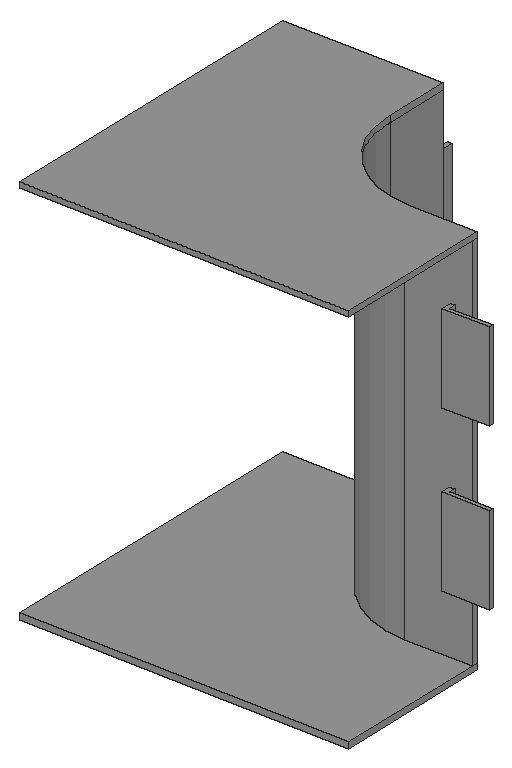
Revit family "Inneneckhaube WDK HI60150RW", category Generic Models, Revit 2017
Family settings
  Can host rebar = No
  Round Connector Dimension = Use Diameter
  Part Type = Normal
  Work Plane-Based = No
  Always vertical = Yes
  Cut with Voids When Loaded = No
  Shared = No
  Room Calculation Point = No
Parameters (values of type "WDK HI60150RW")
  Width = 150 mm
  URL = "http://www.obo-bettermann.com"
  Material = Polyvinylchlorid
  Manufacturer Art.No. = "6192068"
  Manufacturer = "OBO BETTERMANN"
  Height = 60 mm
  GTIN = "4012196800056"
  Article Type = "WDK HI60150RW"
Reference planes
  plane 1 "Center (Front/Back)": y = 0
  plane 2: z = 0
  plane 3 "Center (Left/Right)": x = 0
  plane 4: y = 130
  plane 5: x = 130
  plane 6: z = 155.1
  plane 7: z = 152.9
  plane 8: z = 77.6
  plane 9: y = 130
  plane 10: x = 130
  plane 11: y = 58.7
  plane 12: x = 140
  plane 13: x = 121.3
  plane 14: z = 92.6
  plane 15: z = 62.6
  plane 16: z = 127.6
  plane 17: y = 58.7
  plane 18: x = 140
  plane 19: x = 121.3
  plane 20: x = 140
  plane 21: x = 121.3
  plane 22: through (0, 0, 1200) normal (-0.7071, 0.7071, 0)
  plane 23: x = 58.7
  plane 24: y = 140
  plane 25: y = 121.3
  plane 26: x = 58.7
  plane 27: y = 140
  plane 28: y = 121.3
Forms (mm)
  Extrusion 1, solid, material "Polyvinylchlorid" <- "Material"
    sketch origin (0, 0, 0) x (1, 0, 0) y (0, 1, 0)
      loop
        line (0, 130) -> (0, 0) -> (130, 0) -> (130, 63.4) -> (103.4, 63.4)
        arc (103.4, 63.4) -> (75.116, 75.116) -> (63.4, 103.4) r 40
        line (63.4, 103.4) -> (63.4, 130) -> (0, 130)
    from 152.9 to 155.1
  Extrusion 2, solid, material "Polyvinylchlorid" <- "Material"
    sketch origin (0, 0, -150.7) x (0, -1, 0) y (1, 0, 0)
      loop
        line (-130, 0) -> (0, 0) -> (0, 130) -> (-63.4, 130) -> (-63.4, 103.4)
        arc (-63.4, 103.4) -> (-75.116, 75.116) -> (-103.4, 63.4) r 40
        line (-103.4, 63.4) -> (-130, 63.4) -> (-130, 0)
    from 152.9 to 150.7
  Extrusion 3, solid, material "Polyvinylchlorid" <- "Material"
    sketch origin (0, 0, 0) x (1, 0, 0) y (0, 1, 0)
      loop
        line (63.4, 130) -> (61.2, 130) -> (61.2, 103.4)
        arc (61.2, 103.4) -> (73.56, 73.56) -> (103.4, 61.2) r 42.2
        line (103.4, 61.2) -> (130, 61.2) -> (130, 63.4) -> (103.4, 63.4)
        arc (103.4, 63.4) -> (75.116, 75.116) -> (63.4, 103.4) r 40
        line (63.4, 103.4) -> (63.4, 130)
    from 2.2 to 152.9
  Extrusion 4, solid, material "Polyvinylchlorid" <- "Material"
    sketch origin (0, 0, 0) x (1, 0, 0) y (0, 1, 0)
      loop
        line (121.3, 61.2) -> (121.3, 57) -> (140, 57) -> (140, 58.7) -> (123, 58.7) -> (123, 61.2) -> (121.3, 61.2)
    from 92.6 to 127.6
  Extrusion 5, solid, material "Polyvinylchlorid" <- "Material"
    sketch origin (0, 0, -65) x (0, -1, 0) y (1, 0, 0)
      loop
        line (-61.2, 121.3) -> (-57, 121.3) -> (-57, 140) -> (-58.7, 140) -> (-58.7, 123) -> (-61.2, 123) -> (-61.2, 121.3)
    from 92.6 to 127.6
  Extrusion 6, solid, material "Polyvinylchlorid" <- "Material"
    sketch origin (0, 0, 0) x (0, 1, 0) y (-1, 0, 0)
      loop
        line (121.3, -61.2) -> (123, -61.2) -> (123, -58.7) -> (140, -58.7) -> (140, -57) -> (121.3, -57) -> (121.3, -61.2)
    from 92.6 to 127.6
  Extrusion 7, solid, material "Polyvinylchlorid" <- "Material"
    sketch origin (0, 0, -65) x (1, 0, 0) y (0, 1, 0)
      loop
        line (61.2, 121.3) -> (61.2, 123) -> (58.7, 123) -> (58.7, 140) -> (57, 140) -> (57, 121.3) -> (61.2, 121.3)
    from 92.6 to 127.6
Dimensions and locks
  locked: Extrusion 1 sketch curve to Extrusion 1 sketch curve at 130  (x2)
  locked: Extrusion 1 sketch curve to Extrusion 1 sketch curve at 63.4  (x2)
  locked: Extrusion 1 to Extrusion 1 at 2.2
  locked: plane 6 to level at 155.1
  locked: plane 6 to plane 8 at 77.5
  locked: Extrusion 2 sketch curve to Extrusion 2 sketch curve at 130  (x2)
  locked: Extrusion 2 sketch curve to Extrusion 2 sketch curve at 63.4  (x2)
  locked: Extrusion 2 to Extrusion 2 at 2.2
  locked: plane 13 to Extrusion 1 at 8.7
  locked: Extrusion 1 to plane 12 at 10
  locked: plane 11 to Extrusion 3 at 2.5
  locked: Extrusion 4 sketch curve to Extrusion 3 at 2.5
  locked: Extrusion 4 sketch curve to Extrusion 4 sketch curve at 1.7  (x2)
  locked: Extrusion 4 sketch curve to Extrusion 4 sketch curve at 18.7
  locked: Extrusion 5 sketch curve to Extrusion 5 sketch curve at 1.7  (x2)
  locked: Extrusion 5 sketch curve to Extrusion 5 sketch curve at 18.7
  locked: Extrusion 6 sketch curve to Extrusion 6 sketch curve at 1.7  (x2)
  locked: Extrusion 6 sketch curve to Extrusion 6 sketch curve at 18.7
  locked: Extrusion 7 sketch curve to Extrusion 7 sketch curve at 1.7  (x2)
  locked: Extrusion 7 sketch curve to Extrusion 7 sketch curve at 18.7
  aligned and locked: level to plane 2
  aligned and locked: plane 1 "Center (Front/Back)" to Extrusion 1
  aligned and locked: Extrusion 1 to plane 3 "Center (Left/Right)"
  aligned and locked: plane 6 to Extrusion 1
  aligned and locked: Extrusion 1 to plane 7
  aligned and locked: Extrusion 2 to level
  aligned and locked: plane 1 "Center (Front/Back)" to Extrusion 2
  aligned and locked: Extrusion 3 sketch curve to Extrusion 1
  aligned and locked: Extrusion 1 to Extrusion 3
  aligned and locked: Extrusion 3 to Extrusion 1  (x2)
  aligned and locked: Extrusion 3 to Extrusion 2
  aligned and locked: plane 13 to Extrusion 4 sketch curve
  aligned and locked: Extrusion 4 sketch curve to Extrusion 3
  aligned and locked: Extrusion 4 sketch curve to plane 12
  aligned and locked: Extrusion 4 to Extrusion 3
  aligned and locked: Extrusion 4 to plane 14
  aligned and locked: plane 16 to Extrusion 4
  aligned and locked: plane 19 to Extrusion 5 sketch curve
  aligned and locked: Extrusion 5 sketch curve to plane 18
  aligned and locked: plane 21 to Extrusion 4
  aligned and locked: Extrusion 5 to Extrusion 4
  aligned and locked: Extrusion 4 to Extrusion 5
  aligned and locked: Extrusion 6 sketch curve to plane 25
  aligned and locked: plane 24 to Extrusion 6 sketch curve
  aligned and locked: plane 28 to Extrusion 7 sketch curve
  aligned and locked: Extrusion 7 sketch curve to plane 27
  aligned and locked: Extrusion 7 to Extrusion 5
  aligned and locked: Extrusion 6 to Extrusion 7
  aligned and locked: Extrusion 7 to Extrusion 6
Automatic sketch dimensions
  Extrusion 6 sketch curve to plane 23 = 0 mm
  Extrusion 6 sketch curve to plane 23 = 2.5 mm
  plane 1 "Center (Front/Back)" to Extrusion 1 sketch curve = 0 mm
  Extrusion 1 sketch curve to plane 3 "Center (Left/Right)" = 0 mm
  Extrusion 1 sketch curve to plane 21 = 17.9 mm
  Extrusion 2 sketch curve to plane 3 "Center (Left/Right)" = 0 mm
  Extrusion 2 sketch curve to plane 9 = 0 mm
  Extrusion 2 sketch curve to plane 21 = 17.9 mm
  Extrusion 3 sketch curve to Extrusion 3 sketch curve = 0 mm  (x2)
  plane 22 to Extrusion 3 sketch curve = 0 mm
  Extrusion 3 sketch curve to plane 21 = 17.9 mm
  Extrusion 3 sketch curve to Extrusion 3 sketch curve = 40 mm
  Extrusion 3 sketch curve to Extrusion 3 sketch curve = 2.2 mm
  Extrusion 3 sketch curve to Extrusion 3 sketch curve = 26.6 mm
  Extrusion 5 sketch curve to plane 17 = 0 mm
  plane 17 to Extrusion 5 sketch curve = 2.5 mm
  Extrusion 7 sketch curve to plane 26 = 0 mm
  plane 26 to Extrusion 7 sketch curve = 2.5 mm
